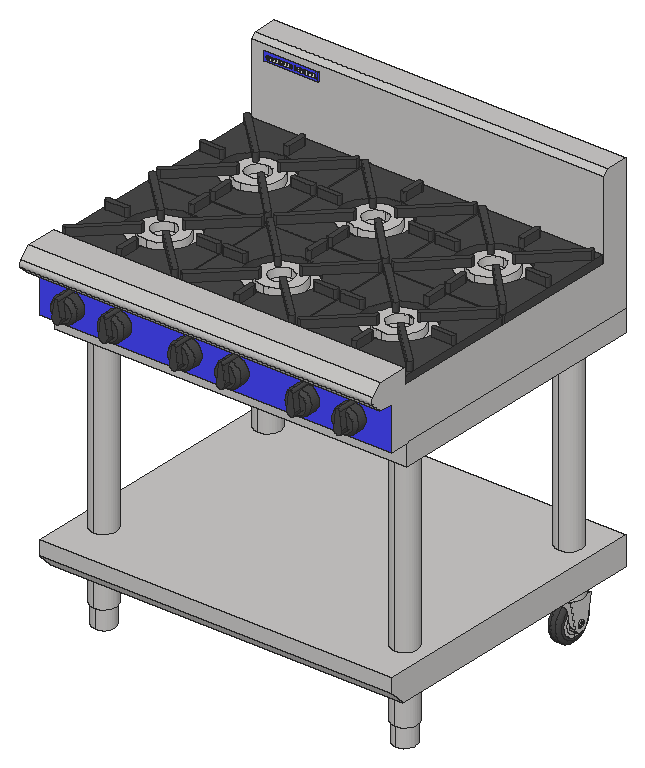
Revit family "QF_MOFFAT_BLUESEAL_CE_G516D-LS", category Specialty Equipment, Revit 2012 (continued)
Definition of nested family "GAS BURNER 900"
  Lines and regions (mm)
    symbolic lines
      curve 170: spline (306.102, -603.347, 0) -> (305.341, -604.416, 0) -> (304.941, -605.721, 0) -> (304.928, -607.172, 0) -> (305.303, -608.671, 0) -> (306.041, -610.116, 0) -> (307.092, -611.408, 0) -> (308.384, -612.459, 0) -> (309.829, -613.197, 0) -> (311.328, -613.572, 0) -> (312.779, -613.559, 0) -> (314.084, -613.159, 0) -> (315.153, -612.398, 0)
      curve 171: line (308.898, -476.4, 0) -> (358.102, -476.4, 0)
      curve 172: spline (358.102, -476.4, 0) -> (359.396, -476.182, 0) -> (360.602, -475.543, 0) -> (361.638, -474.525, 0) -> (362.432, -473.2, 0) -> (362.932, -471.656, 0) -> (363.102, -470, 0) -> (362.932, -468.344, 0) -> (362.432, -466.8, 0) -> (361.638, -465.475, 0) -> (360.602, -464.457, 0) -> (359.396, -463.818, 0) -> (358.102, -463.6, 0)
      curve 173: line (358.102, -463.6, 0) -> (308.898, -463.6, 0)
      curve 174: spline (308.898, -463.6, 0) -> (307.604, -463.818, 0) -> (306.398, -464.457, 0) -> (305.362, -465.475, 0) -> (304.568, -466.8, 0) -> (304.068, -468.344, 0) -> (303.898, -470, 0) -> (304.068, -471.656, 0) -> (304.568, -473.2, 0) -> (305.362, -474.525, 0) -> (306.398, -475.543, 0) -> (307.604, -476.182, 0) -> (308.898, -476.4, 0)
      curve 175: line (456.4, -609.602, 0) -> (456.4, -561.898, 0)
      curve 176: spline (456.4, -561.898, 0) -> (456.182, -560.604, 0) -> (455.543, -559.398, 0) -> (454.525, -558.362, 0) -> (453.2, -557.568, 0) -> (451.656, -557.068, 0) -> (450, -556.898, 0) -> (448.344, -557.068, 0) -> (446.8, -557.568, 0) -> (445.475, -558.362, 0) -> (444.457, -559.398, 0) -> (443.818, -560.604, 0) -> (443.6, -561.898, 0)
      curve 177: line (443.6, -561.898, 0) -> (443.6, -609.602, 0)
      curve 178: spline (443.6, -609.602, 0) -> (443.818, -610.896, 0) -> (444.457, -612.102, 0) -> (445.475, -613.138, 0) -> (446.8, -613.932, 0) -> (448.344, -614.432, 0) -> (450, -614.602, 0) -> (451.656, -614.432, 0) -> (453.2, -613.932, 0) -> (454.525, -613.138, 0) -> (455.543, -612.102, 0) -> (456.182, -610.896, 0) -> (456.4, -609.602, 0)
      curve 179: arc (450.009, -384.418, 0) -> (479.699, -389.834, 0) -> (505.564, -405.385, 0) r 84.082
      curve 180: arc (450.009, -552.582, 0) -> (417.885, -546.204, 0) -> (390.635, -528.036, 0) r 84.082
      curve 181: arc (450, -523.5, 0) -> (467.666, -520.693, 0) -> (483.592, -512.55, 0) r 57
      curve 182: arc (450, -409.5, 0) -> (430.014, -413.119, 0) -> (412.566, -423.515, 0) r 57
      curve 183: arc (450, -436.5, 0) -> (480, -466.5, 0) -> (450, -496.5, 0) r 30
      curve 184: arc (450, -496.5, 0) -> (420, -466.5, 0) -> (450, -436.5, 0) r 30
      curve 185: arc (96.324, -103.773, 0) -> (121.466, -89.404, 0) -> (149.991, -84.418, 0) r 84.082
      curve 186: arc (212.871, -112.68, 0) -> (234.066, -167.408, 0) -> (214.3, -222.668, 0) r 84.082
      curve 187: arc (194.454, -202.178, 0) -> (207, -166.598, 0) -> (194.576, -130.975, 0) r 57
      curve 188: arc (114.628, -211.197, 0) -> (131.275, -220.336, 0) -> (150, -223.5, 0) r 57
      curve 189: arc (405.424, -130.975, 0) -> (393, -166.598, 0) -> (405.546, -202.178, 0) r 57
      curve 190: arc (485.525, -121.924, 0) -> (468.817, -112.696, 0) -> (450, -109.5, 0) r 57
      curve 191: arc (494.454, -202.178, 0) -> (507, -166.598, 0) -> (494.576, -130.975, 0) r 57
      curve 192: arc (414.628, -211.197, 0) -> (431.275, -220.336, 0) -> (450, -223.5, 0) r 57
      curve 193: arc (105.424, -130.975, 0) -> (93, -166.598, 0) -> (105.546, -202.178, 0) r 57
      curve 194: arc (514.501, -414.55, 0) -> (534.086, -469.429, 0) -> (513.293, -523.862, 0) r 84.082
      curve 195: arc (504.155, -532.827, 0) -> (478.827, -547.489, 0) -> (450.009, -552.582, 0) r 84.082
      curve 196: arc (493.031, -503.881, 0) -> (506.947, -468.956, 0) -> (496.089, -432.962, 0) r 57
      curve 197: arc (416.408, -512.55, 0) -> (432.334, -520.693, 0) -> (450, -523.5, 0) r 57
      curve 198: arc (403.911, -432.962, 0) -> (393.053, -468.956, 0) -> (406.969, -503.881, 0) r 57
      curve 199: arc (487.434, -423.515, 0) -> (469.986, -413.119, 0) -> (450, -409.5, 0) r 57
      curve 200: arc (187.434, -423.515, 0) -> (169.986, -413.119, 0) -> (150, -409.5, 0) r 57
      curve 201: arc (103.911, -432.962, 0) -> (93.053, -468.956, 0) -> (106.969, -503.881, 0) r 57
      curve 202: arc (109.732, -506.842, 0) -> (110.614, -507.704, 0) -> (111.516, -508.547, 0) r 57
      curve 203: arc (193.031, -503.881, 0) -> (206.947, -468.956, 0) -> (196.089, -432.962, 0) r 57
      curve 204: arc (214.491, -414.56, 0) -> (234.068, -469.429, 0) -> (213.283, -523.853, 0) r 84.082
      curve 205: arc (94.436, -405.385, 0) -> (120.301, -389.834, 0) -> (149.991, -384.418, 0) r 84.082
      curve 206: arc (86.707, -523.862, 0) -> (65.914, -469.429, 0) -> (85.499, -414.55, 0) r 84.082
      curve 207: arc (116.408, -512.55, 0) -> (132.334, -520.693, 0) -> (150, -523.5, 0) r 57
      curve 208: arc (204.147, -532.819, 0) -> (178.816, -547.487, 0) -> (149.991, -552.582, 0) r 84.082
      curve 209: arc (394.444, -405.393, 0) -> (420.313, -389.836, 0) -> (450.009, -384.418, 0) r 84.082
      curve 210: arc (390.635, -528.036, 0) -> (366.012, -472.294, 0) -> (385.509, -414.56, 0) r 84.082
      curve 211: arc (185.525, -121.924, 0) -> (168.817, -112.696, 0) -> (150, -109.5, 0) r 57
      curve 212: arc (396.332, -103.781, 0) -> (421.477, -89.406, 0) -> (450.009, -84.418, 0) r 84.082
      curve 213: arc (512.881, -112.67, 0) -> (534.084, -167.408, 0) -> (514.31, -222.678, 0) r 84.082
      curve 214: arc (505.339, -231.812, 0) -> (479.559, -247.219, 0) -> (450.009, -252.582, 0) r 84.082
      curve 215: arc (385.7, -222.668, 0) -> (365.934, -167.408, 0) -> (387.129, -112.68, 0) r 84.082
      curve 216: arc (205.331, -231.803, 0) -> (179.547, -247.216, 0) -> (149.991, -252.582, 0) r 84.082
      curve 217: arc (85.69, -222.678, 0) -> (65.916, -167.408, 0) -> (87.119, -112.67, 0) r 84.082
      curve 218: spline (724.076, -130.525, 0) -> (724.837, -131.595, 0) -> (725.238, -132.899, 0) -> (725.251, -134.351, 0) -> (724.875, -135.85, 0) -> (724.137, -137.295, 0) -> (723.086, -138.586, 0) -> (721.795, -139.637, 0) -> (720.35, -140.375, 0) -> (718.851, -140.751, 0) -> (717.399, -140.738, 0) -> (716.095, -140.337, 0) -> (715.025, -139.576, 0)
      curve 219: spline (659.102, -160.1, 0) -> (660.396, -160.318, 0) -> (661.602, -160.957, 0) -> (662.638, -161.975, 0) -> (663.432, -163.3, 0) -> (663.932, -164.844, 0) -> (664.102, -166.5, 0) -> (663.932, -168.156, 0) -> (663.432, -169.7, 0) -> (662.638, -171.025, 0) -> (661.602, -172.043, 0) -> (660.396, -172.682, 0) -> (659.102, -172.9, 0)
      curve 220: arc (751, -223.5, 0) -> (732.275, -220.336, 0) -> (715.628, -211.197, 0) r 57
      curve 221: arc (751, -109.5, 0) -> (769.817, -112.696, 0) -> (786.525, -121.924, 0) r 57
      curve 222: arc (751.009, -84.418, 0) -> (722.477, -89.406, 0) -> (697.332, -103.781, 0) r 84.082
      curve 223: arc (751.009, -252.582, 0) -> (780.559, -247.219, 0) -> (806.339, -231.812, 0) r 84.082
      curve 224: line (744.6, -74.602, 0) -> (744.6, -25.398, 0)
      curve 225: spline (744.6, -25.398, 0) -> (744.818, -24.104, 0) -> (745.457, -22.898, 0) -> (746.475, -21.862, 0) -> (747.8, -21.068, 0) -> (749.344, -20.568, 0) -> (751, -20.398, 0) -> (752.656, -20.568, 0) -> (754.2, -21.068, 0) -> (755.525, -21.862, 0) -> (756.543, -22.898, 0) -> (757.182, -24.104, 0) -> (757.4, -25.398, 0)
      curve 226: line (757.4, -25.398, 0) -> (757.4, -74.602, 0)
      curve 227: spline (757.4, -74.602, 0) -> (757.182, -75.896, 0) -> (756.543, -77.102, 0) -> (755.525, -78.138, 0) -> (754.2, -78.932, 0) -> (752.656, -79.432, 0) -> (751, -79.602, 0) -> (749.344, -79.432, 0) -> (747.8, -78.932, 0) -> (746.475, -78.138, 0) -> (745.457, -77.102, 0) -> (744.818, -75.896, 0) -> (744.6, -74.602, 0)
      curve 228: arc (897, 0, 0) -> (899.121, -0.879, 0) -> (900, -3, 0) r 3
      curve 229: line (900, -3, 0) -> (900, -315.5, 0)
      curve 230: arc (900, -315.5, 0) -> (899.121, -317.621, 0) -> (897, -318.5, 0) r 3
      curve 231: arc (897, -321.5, 0) -> (899.121, -322.379, 0) -> (900, -324.5, 0) r 3
      curve 232: line (900, -324.5, 0) -> (900, -632, 0)
      curve 233: arc (900, -632, 0) -> (899.121, -634.121, 0) -> (897, -635, 0) r 3
      curve 234: spline (715.025, -193.424, 0) -> (716.095, -192.663, 0) -> (717.399, -192.262, 0) -> (718.851, -192.249, 0) -> (720.35, -192.625, 0) -> (721.795, -193.363, 0) -> (723.086, -194.414, 0) -> (724.137, -195.705, 0) -> (724.875, -197.15, 0) -> (725.251, -198.649, 0) -> (725.238, -200.101, 0) -> (724.837, -201.405, 0) -> (724.076, -202.475, 0)
      curve 235: line (885.847, -313.898, 0) -> (777.924, -202.475, 0)
      curve 236: spline (777.924, -202.475, 0) -> (777.163, -201.405, 0) -> (776.762, -200.101, 0) -> (776.749, -198.649, 0) -> (777.125, -197.15, 0) -> (777.863, -195.705, 0) -> (778.914, -194.414, 0) -> (780.205, -193.363, 0) -> (781.65, -192.625, 0) -> (783.149, -192.249, 0) -> (784.601, -192.262, 0) -> (785.905, -192.663, 0) -> (786.975, -193.424, 0)
      curve 237: line (786.975, -193.424, 0) -> (894.898, -304.847, 0)
      curve 238: spline (894.898, -304.847, 0) -> (895.659, -305.916, 0) -> (896.059, -307.221, 0) -> (896.072, -308.672, 0) -> (895.697, -310.171, 0) -> (894.959, -311.616, 0) -> (893.908, -312.908, 0) -> (892.616, -313.959, 0) -> (891.171, -314.697, 0) -> (889.672, -315.072, 0) -> (888.221, -315.059, 0) -> (886.916, -314.659, 0) -> (885.847, -313.898, 0)
      curve 239: line (892.102, -172.9, 0) -> (842.898, -172.9, 0)
      curve 240: spline (842.898, -172.9, 0) -> (841.604, -172.682, 0) -> (840.398, -172.043, 0) -> (839.362, -171.025, 0) -> (838.568, -169.7, 0) -> (838.068, -168.156, 0) -> (837.898, -166.5, 0) -> (838.068, -164.844, 0) -> (838.568, -163.3, 0) -> (839.362, -161.975, 0) -> (840.398, -160.957, 0) -> (841.604, -160.318, 0) -> (842.898, -160.1, 0)
      curve 241: line (842.898, -160.1, 0) -> (892.102, -160.1, 0)
      curve 242: spline (892.102, -160.1, 0) -> (893.396, -160.318, 0) -> (894.602, -160.957, 0) -> (895.638, -161.975, 0) -> (896.432, -163.3, 0) -> (896.932, -164.844, 0) -> (897.102, -166.5, 0) -> (896.932, -168.156, 0) -> (896.432, -169.7, 0) -> (895.638, -171.025, 0) -> (894.602, -172.043, 0) -> (893.396, -172.682, 0) -> (892.102, -172.9, 0)
      curve 243: line (894.898, -31.653, 0) -> (786.975, -139.576, 0)
      curve 244: spline (786.975, -139.576, 0) -> (785.905, -140.337, 0) -> (784.601, -140.738, 0) -> (783.149, -140.751, 0) -> (781.65, -140.375, 0) -> (780.205, -139.637, 0) -> (778.914, -138.586, 0) -> (777.863, -137.295, 0) -> (777.125, -135.85, 0) -> (776.749, -134.351, 0) -> (776.762, -132.899, 0) -> (777.163, -131.595, 0) -> (777.924, -130.525, 0)
      curve 245: line (777.924, -130.525, 0) -> (885.847, -22.602, 0)
      curve 246: spline (885.847, -22.602, 0) -> (887.076, -21.681, 0) -> (888.53, -21.131, 0) -> (890.11, -20.99, 0) -> (891.708, -21.267, 0) -> (893.214, -21.943, 0) -> (894.527, -22.973, 0) -> (895.557, -24.286, 0) -> (896.233, -25.792, 0) -> (896.51, -27.39, 0) -> (896.369, -28.97, 0) -> (895.819, -30.424, 0) -> (894.898, -31.653, 0)
      curve 247: arc (751, -136.5, 0) -> (721, -166.5, 0) -> (751, -196.5, 0) r 30
      curve 248: arc (751, -196.5, 0) -> (781, -166.5, 0) -> (751, -136.5, 0) r 30
      curve 249: line (744.6, -311.102, 0) -> (744.6, -261.898, 0)
      curve 250: spline (744.6, -261.898, 0) -> (744.818, -260.604, 0) -> (745.457, -259.398, 0) -> (746.475, -258.362, 0) -> (747.8, -257.568, 0) -> (749.344, -257.068, 0) -> (751, -256.898, 0) -> (752.656, -257.068, 0) -> (754.2, -257.568, 0) -> (755.525, -258.362, 0) -> (756.543, -259.398, 0) -> (757.182, -260.604, 0) -> (757.4, -261.898, 0)
      curve 251: line (757.4, -261.898, 0) -> (757.4, -311.102, 0)
      curve 252: spline (757.4, -311.102, 0) -> (757.182, -312.396, 0) -> (756.543, -313.602, 0) -> (755.525, -314.638, 0) -> (754.2, -315.432, 0) -> (752.656, -315.932, 0) -> (751, -316.102, 0) -> (749.344, -315.932, 0) -> (747.8, -315.432, 0) -> (746.475, -314.638, 0) -> (745.457, -313.602, 0) -> (744.818, -312.396, 0) -> (744.6, -311.102, 0)
      curve 253: line (744.6, -378.102, 0) -> (744.6, -328.898, 0)
      curve 254: spline (744.6, -328.898, 0) -> (744.818, -327.604, 0) -> (745.457, -326.398, 0) -> (746.475, -325.362, 0) -> (747.8, -324.568, 0) -> (749.344, -324.068, 0) -> (751, -323.898, 0) -> (752.656, -324.068, 0) -> (754.2, -324.568, 0) -> (755.525, -325.362, 0) -> (756.543, -326.398, 0) -> (757.182, -327.604, 0) -> (757.4, -328.898, 0)
      curve 255: line (757.4, -328.898, 0) -> (757.4, -378.102, 0)
      curve 256: spline (757.4, -378.102, 0) -> (757.182, -379.396, 0) -> (756.543, -380.602, 0) -> (755.525, -381.638, 0) -> (754.2, -382.432, 0) -> (752.656, -382.932, 0) -> (751, -383.102, 0) -> (749.344, -382.932, 0) -> (747.8, -382.432, 0) -> (746.475, -381.638, 0) -> (745.457, -380.602, 0) -> (744.818, -379.396, 0) -> (744.6, -378.102, 0)
      curve 257: spline (724.076, -434.025, 0) -> (724.837, -435.095, 0) -> (725.238, -436.399, 0) -> (725.251, -437.851, 0) -> (724.875, -439.35, 0) -> (724.137, -440.795, 0) -> (723.086, -442.086, 0) -> (721.795, -443.137, 0) -> (720.35, -443.875, 0) -> (718.851, -444.251, 0) -> (717.399, -444.238, 0) -> (716.095, -443.837, 0) -> (715.025, -443.076, 0)
      curve 258: line (777.924, -434.025, 0) -> (885.847, -326.102, 0)
      curve 259: spline (885.847, -326.102, 0) -> (887.076, -325.181, 0) -> (888.53, -324.631, 0) -> (890.11, -324.49, 0) -> (891.708, -324.767, 0) -> (893.214, -325.443, 0) -> (894.527, -326.473, 0) -> (895.557, -327.786, 0) -> (896.233, -329.292, 0) -> (896.51, -330.89, 0) -> (896.369, -332.47, 0) -> (895.819, -333.924, 0) -> (894.898, -335.153, 0)
      curve 260: line (894.898, -335.153, 0) -> (786.975, -443.076, 0)
      curve 261: spline (786.975, -443.076, 0) -> (785.905, -443.837, 0) -> (784.601, -444.238, 0) -> (783.149, -444.251, 0) -> (781.65, -443.875, 0) -> (780.205, -443.137, 0) -> (778.914, -442.086, 0) -> (777.863, -440.795, 0) -> (777.125, -439.35, 0) -> (776.749, -437.851, 0) -> (776.762, -436.399, 0) -> (777.163, -435.095, 0) -> (777.924, -434.025, 0)
      curve 262: line (842.898, -463.6, 0) -> (892.102, -463.6, 0)
      curve 263: spline (892.102, -463.6, 0) -> (893.396, -463.818, 0) -> (894.602, -464.457, 0) -> (895.638, -465.475, 0) -> (896.432, -466.8, 0) -> (896.932, -468.344, 0) -> (897.102, -470, 0) -> (896.932, -471.656, 0) -> (896.432, -473.2, 0) -> (895.638, -474.525, 0) -> (894.602, -475.543, 0) -> (893.396, -476.182, 0) -> (892.102, -476.4, 0)
      curve 264: line (892.102, -476.4, 0) -> (842.898, -476.4, 0)
      curve 265: spline (842.898, -476.4, 0) -> (841.604, -476.182, 0) -> (840.398, -475.543, 0) -> (839.362, -474.525, 0) -> (838.568, -473.2, 0) -> (838.068, -471.656, 0) -> (837.898, -470, 0) -> (838.068, -468.344, 0) -> (838.568, -466.8, 0) -> (839.362, -465.475, 0) -> (840.398, -464.457, 0) -> (841.604, -463.818, 0) -> (842.898, -463.6, 0)
      curve 266: line (786.975, -496.924, 0) -> (894.898, -603.347, 0)
      curve 267: spline (894.898, -603.347, 0) -> (895.659, -604.416, 0) -> (896.059, -605.721, 0) -> (896.072, -607.172, 0) -> (895.697, -608.671, 0) -> (894.959, -610.116, 0) -> (893.908, -611.408, 0) -> (892.616, -612.459, 0) -> (891.171, -613.197, 0) -> (889.672, -613.572, 0) -> (888.221, -613.559, 0) -> (886.916, -613.159, 0) -> (885.847, -612.398, 0)
      curve 268: line (885.847, -612.398, 0) -> (777.924, -505.975, 0)
      curve 269: spline (777.924, -505.975, 0) -> (777.163, -504.905, 0) -> (776.762, -503.601, 0) -> (776.749, -502.149, 0) -> (777.125, -500.65, 0) -> (777.863, -499.205, 0) -> (778.914, -497.914, 0) -> (780.205, -496.863, 0) -> (781.65, -496.125, 0) -> (783.149, -495.749, 0) -> (784.601, -495.762, 0) -> (785.905, -496.163, 0) -> (786.975, -496.924, 0)
      curve 270: line (744.6, -609.602, 0) -> (744.6, -561.898, 0)
      curve 271: spline (744.6, -561.898, 0) -> (744.818, -560.604, 0) -> (745.457, -559.398, 0) -> (746.475, -558.362, 0) -> (747.8, -557.568, 0) -> (749.344, -557.068, 0) -> (751, -556.898, 0) -> (752.656, -557.068, 0) -> (754.2, -557.568, 0) -> (755.525, -558.362, 0) -> (756.543, -559.398, 0) -> (757.182, -560.604, 0) -> (757.4, -561.898, 0)
      curve 272: line (757.4, -561.898, 0) -> (757.4, -609.602, 0)
      curve 273: spline (757.4, -609.602, 0) -> (757.182, -610.896, 0) -> (756.543, -612.102, 0) -> (755.525, -613.138, 0) -> (754.2, -613.932, 0) -> (752.656, -614.432, 0) -> (751, -614.602, 0) -> (749.344, -614.432, 0) -> (747.8, -613.932, 0) -> (746.475, -613.138, 0) -> (745.457, -612.102, 0) -> (744.818, -610.896, 0) -> (744.6, -609.602, 0)
      curve 274: spline (715.025, -496.924, 0) -> (716.095, -496.163, 0) -> (717.399, -495.762, 0) -> (718.851, -495.749, 0) -> (720.35, -496.125, 0) -> (721.795, -496.863, 0) -> (723.086, -497.914, 0) -> (724.137, -499.205, 0) -> (724.875, -500.65, 0) -> (725.251, -502.149, 0) -> (725.238, -503.601, 0) -> (724.837, -504.905, 0) -> (724.076, -505.975, 0)
      curve 275: arc (751.009, -384.418, 0) -> (721.313, -389.836, 0) -> (695.444, -405.393, 0) r 84.082
      curve 276: arc (751.009, -552.582, 0) -> (779.827, -547.489, 0) -> (805.155, -532.827, 0) r 84.082
      curve 277: arc (751, -523.5, 0) -> (733.334, -520.693, 0) -> (717.408, -512.55, 0) r 57
      curve 278: arc (751, -409.5, 0) -> (770.986, -413.119, 0) -> (788.434, -423.515, 0) r 57
      curve 279: arc (751, -436.5, 0) -> (721, -466.5, 0) -> (751, -496.5, 0) r 30
      curve 280: arc (751, -496.5, 0) -> (781, -466.5, 0) -> (751, -436.5, 0) r 30
      curve 281: spline (659.102, -463.6, 0) -> (660.396, -463.818, 0) -> (661.602, -464.457, 0) -> (662.638, -465.475, 0) -> (663.432, -466.8, 0) -> (663.932, -468.344, 0) -> (664.102, -470, 0) -> (663.932, -471.656, 0) -> (663.432, -473.2, 0) -> (662.638, -474.525, 0) -> (661.602, -475.543, 0) -> (660.396, -476.182, 0) -> (659.102, -476.4, 0)
      curve 282: arc (804.676, -103.773, 0) -> (779.534, -89.404, 0) -> (751.009, -84.418, 0) r 84.082
      curve 283: arc (688.129, -112.68, 0) -> (666.934, -167.408, 0) -> (686.7, -222.668, 0) r 84.082
      curve 284: arc (706.546, -202.178, 0) -> (694, -166.598, 0) -> (706.424, -130.975, 0) r 57
      curve 285: arc (786.372, -211.197, 0) -> (769.725, -220.336, 0) -> (751, -223.5, 0) r 57
      curve 286: arc (795.576, -130.975, 0) -> (808, -166.598, 0) -> (795.454, -202.178, 0) r 57
      curve 287: arc (713.566, -423.515, 0) -> (731.014, -413.119, 0) -> (751, -409.5, 0) r 57
      curve 288: arc (797.089, -432.962, 0) -> (807.947, -468.956, 0) -> (794.031, -503.881, 0) r 57
      curve 289: arc (791.268, -506.842, 0) -> (790.386, -507.704, 0) -> (789.484, -508.547, 0) r 57
      curve 290: arc (707.969, -503.881, 0) -> (694.053, -468.956, 0) -> (704.911, -432.962, 0) r 57
      curve 291: arc (686.509, -414.56, 0) -> (666.932, -469.429, 0) -> (687.717, -523.853, 0) r 84.082
      curve 292: arc (806.564, -405.385, 0) -> (780.699, -389.834, 0) -> (751.009, -384.418, 0) r 84.082
      curve 293: arc (814.293, -523.862, 0) -> (835.086, -469.429, 0) -> (815.501, -414.55, 0) r 84.082
      curve 294: arc (784.592, -512.55, 0) -> (768.666, -520.693, 0) -> (751, -523.5, 0) r 57
      curve 295: arc (696.853, -532.819, 0) -> (722.184, -547.487, 0) -> (751.009, -552.582, 0) r 84.082
      curve 296: arc (715.475, -121.924, 0) -> (732.183, -112.696, 0) -> (751, -109.5, 0) r 57
      curve 297: arc (695.669, -231.803, 0) -> (721.453, -247.216, 0) -> (751.009, -252.582, 0) r 84.082
      curve 298: arc (815.31, -222.678, 0) -> (835.084, -167.408, 0) -> (813.881, -112.67, 0) r 84.082
      curve 299: line (616.153, -612.398, 0) -> (724.076, -505.975, 0)
      curve 300: line (715.025, -496.924, 0) -> (607.102, -603.347, 0)
      curve 301: spline (607.102, -603.347, 0) -> (606.341, -604.416, 0) -> (605.941, -605.721, 0) -> (605.928, -607.172, 0) -> (606.303, -608.671, 0) -> (607.041, -610.116, 0) -> (608.092, -611.408, 0) -> (609.384, -612.459, 0) -> (610.829, -613.197, 0) -> (612.328, -613.572, 0) -> (613.779, -613.559, 0) -> (615.084, -613.159, 0) -> (616.153, -612.398, 0)
      curve 302: line (602, -324.5, 0) -> (602, -632, 0)
      curve 303: arc (602, -632, 0) -> (602.879, -634.121, 0) -> (605, -635, 0) r 3
      curve 304: line (605, -635, 0) -> (897, -635, 0)
      curve 305: arc (897, -635, 0) -> (899.121, -634.121, 0) -> (900, -632, 0) r 3
      curve 306: line (900, -632, 0) -> (900, -324.5, 0)
      curve 307: arc (900, -324.5, 0) -> (899.121, -322.379, 0) -> (897, -321.5, 0) r 3
      curve 308: line (897, -321.5, 0) -> (605, -321.5, 0)
      curve 309: arc (605, -321.5, 0) -> (602.879, -322.379, 0) -> (602, -324.5, 0) r 3
      curve 310: line (609.898, -476.4, 0) -> (659.102, -476.4, 0)
      curve 311: line (659.102, -463.6, 0) -> (609.898, -463.6, 0)
      curve 312: spline (609.898, -463.6, 0) -> (608.604, -463.818, 0) -> (607.398, -464.457, 0) -> (606.362, -465.475, 0) -> (605.568, -466.8, 0) -> (605.068, -468.344, 0) -> (604.898, -470, 0) -> (605.068, -471.656, 0) -> (605.568, -473.2, 0) -> (606.362, -474.525, 0) -> (607.398, -475.543, 0) -> (608.604, -476.182, 0) -> (609.898, -476.4, 0)
      curve 313: line (607.102, -335.153, 0) -> (715.025, -443.076, 0)
      curve 314: line (724.076, -434.025, 0) -> (616.153, -326.102, 0)
      curve 315: spline (616.153, -326.102, 0) -> (615.084, -325.341, 0) -> (613.779, -324.941, 0) -> (612.328, -324.928, 0) -> (610.829, -325.303, 0) -> (609.384, -326.041, 0) -> (608.092, -327.092, 0) -> (607.041, -328.384, 0) -> (606.303, -329.829, 0) -> (605.928, -331.328, 0) -> (605.941, -332.779, 0) -> (606.341, -334.084, 0) -> (607.102, -335.153, 0)
      curve 316: line (616.153, -313.898, 0) -> (724.076, -202.475, 0)
      curve 317: spline (607.102, -304.847, 0) -> (606.341, -305.916, 0) -> (605.941, -307.221, 0) -> (605.928, -308.672, 0) -> (606.303, -310.171, 0) -> (607.041, -311.616, 0) -> (608.092, -312.908, 0) -> (609.384, -313.959, 0) -> (610.829, -314.697, 0) -> (612.328, -315.072, 0) -> (613.779, -315.059, 0) -> (615.084, -314.659, 0) -> (616.153, -313.898, 0)
      curve 318: line (715.025, -193.424, 0) -> (607.102, -304.847, 0)
      curve 319: line (605, -318.5, 0) -> (897, -318.5, 0)
      curve 320: arc (602, -315.5, 0) -> (602.879, -317.621, 0) -> (605, -318.5, 0) r 3
      curve 321: line (602, -3, 0) -> (602, -315.5, 0)
      curve 322: arc (605, 0, 0) -> (602.879, -0.879, 0) -> (602, -3, 0) r 3
      curve 323: line (609.898, -172.9, 0) -> (659.102, -172.9, 0)
      curve 324: line (659.102, -160.1, 0) -> (609.898, -160.1, 0)
      curve 325: spline (609.898, -160.1, 0) -> (608.604, -160.318, 0) -> (607.398, -160.957, 0) -> (606.362, -161.975, 0) -> (605.568, -163.3, 0) -> (605.068, -164.844, 0) -> (604.898, -166.5, 0) -> (605.068, -168.156, 0) -> (605.568, -169.7, 0) -> (606.362, -171.025, 0) -> (607.398, -172.043, 0) -> (608.604, -172.682, 0) -> (609.898, -172.9, 0)
      curve 326: line (607.102, -31.653, 0) -> (715.025, -139.576, 0)
      curve 327: line (724.076, -130.525, 0) -> (616.153, -22.602, 0)
      curve 328: spline (616.153, -22.602, 0) -> (615.084, -21.841, 0) -> (613.779, -21.441, 0) -> (612.328, -21.428, 0) -> (610.829, -21.803, 0) -> (609.384, -22.541, 0) -> (608.092, -23.592, 0) -> (607.041, -24.884, 0) -> (606.303, -26.329, 0) -> (605.928, -27.828, 0) -> (605.941, -29.279, 0) -> (606.341, -30.584, 0) -> (607.102, -31.653, 0)
      curve 329: line (897, 0, 0) -> (605, 0, 0)
  Dimensions and locks
    equal spacing: plane 3 "LEFT", plane 7 "Center Y", plane 4 "RIGHT"
    "Width": plane 3 "LEFT" to plane 4 "RIGHT"
    equal spacing: plane 5 "FRONT", plane 8 "Center X", plane 1 "BACK"
    "Depth": plane 5 "FRONT" to plane 1 "BACK"
    aligned and locked: level to plane 2
  Automatic sketch dimensions
    curve 29 to curve 30 = 0 mm
    curve 29 to curve 33 = 0 mm
    curve 29 to curve 189 = 0 mm
    curve 29 to curve 190 = 0 mm  (x2)
    curve 29 to curve 191 = 0 mm  (x2)
    curve 29 to curve 192 = 0 mm
    curve 30 to curve 33 = 0 mm
    curve 30 to curve 189 = 0 mm
    curve 31 to curve 32 = 0 mm  (x2)
    curve 31 to curve 212 = 0 mm
    curve 31 to curve 213 = 0 mm  (x2)
    curve 31 to curve 214 = 0 mm
    curve 31 to curve 215 = 0 mm  (x2)
    curve 35 to curve 36 = 0 mm
    curve 35 to curve 103 = 0 mm  (x2)
    curve 35 to curve 187 = 0 mm  (x2)
    curve 35 to curve 188 = 0 mm
    curve 35 to curve 193 = 0 mm
    curve 35 to curve 211 = 0 mm  (x2)
    curve 36 to curve 193 = 0 mm
    curve 37 to curve 38 = 0 mm  (x2)
    curve 37 to curve 185 = 0 mm
    curve 37 to curve 186 = 0 mm  (x2)
    curve 37 to curve 216 = 0 mm
    curve 37 to curve 217 = 0 mm  (x2)
    curve 137 to curve 138 = 0 mm  (x2)
    curve 137 to curve 204 = 0 mm  (x2)
    curve 137 to curve 205 = 0 mm
    curve 137 to curve 206 = 0 mm  (x2)
    curve 137 to curve 208 = 0 mm
    curve 139 to curve 140 = 0 mm
    curve 139 to curve 141 = 0 mm  (x2)
    curve 139 to curve 200 = 0 mm  (x2)
    curve 139 to curve 201 = 0 mm
    curve 139 to curve 202 = 0 mm
    curve 139 to curve 203 = 0 mm  (x2)
    curve 139 to curve 207 = 0 mm
    curve 140 to curve 201 = 0 mm
    curve 140 to curve 202 = 0 mm
    curve 179 to curve 180 = 0 mm  (x2)
    curve 179 to curve 194 = 0 mm  (x2)
    curve 179 to curve 195 = 0 mm
    curve 179 to curve 209 = 0 mm
    curve 179 to curve 210 = 0 mm  (x2)
    curve 181 to curve 182 = 0 mm  (x2)
    curve 181 to curve 183 = 0 mm  (x2)
    curve 181 to curve 196 = 0 mm  (x2)
    curve 181 to curve 197 = 0 mm
    curve 181 to curve 198 = 0 mm  (x2)
    curve 181 to curve 199 = 0 mm
    curve 220 to curve 221 = 0 mm
    curve 220 to curve 247 = 0 mm  (x2)
    curve 220 to curve 284 = 0 mm
    curve 222 to curve 223 = 0 mm  (x2)
    curve 222 to curve 282 = 0 mm
    curve 222 to curve 283 = 0 mm  (x2)
    curve 275 to curve 276 = 0 mm
    curve 275 to curve 291 = 0 mm
    curve 277 to curve 278 = 0 mm
    curve 277 to curve 279 = 0 mm
    curve 277 to curve 287 = 0 mm
    curve 278 to curve 280 = 0 mm
    curve 283 to curve 298 = 0 mm
    curve 284 to curve 296 = 0 mm  (x2)
    curve 285 to curve 296 = 0 mm  (x2)
    curve 286 to curve 296 = 0 mm  (x2)
    curve 287 to curve 294 = 0 mm  (x2)
    curve 288 to curve 294 = 0 mm  (x2)
    curve 289 to curve 294 = 0 mm  (x2)
    curve 290 to curve 294 = 0 mm  (x2)
    curve 291 to curve 295 = 0 mm  (x2)
    curve 292 to curve 295 = 0 mm  (x2)
    curve 293 to curve 295 = 0 mm  (x2)
    curve 297 to curve 298 = 0 mm  (x2)
    plane 5 "FRONT" to curve 75 = 0 mm
    plane 1 "BACK" to curve 64 = 0 mm
    plane 1 "BACK" to curve 55 = 0 mm
    plane 5 "FRONT" to curve 82 = 0 mm
    curve 33 to plane 7 "Center Y" = 0 mm
    curve 154 to plane 7 "Center Y" = 0 mm
    curve 54 to plane 7 "Center Y" = 0 mm
    curve 196 to plane 7 "Center Y" = 0 mm
    curve 178 to plane 7 "Center Y" = 0 mm
    curve 16 to plane 7 "Center Y" = 0 mm
    plane 5 "FRONT" to curve 233 = 0 mm
    curve 13 to curve 16 = 6.4 mm
    curve 154 to curve 154 = 6.4 mm
    curve 52 to curve 52 = 6.4 mm
    curve 177 to curve 178 = 6.4 mm
    curve 150 to plane 7 "Center Y" = 26.924 mm
    curve 10 to plane 7 "Center Y" = 26.924 mm
    curve 168 to plane 7 "Center Y" = 26.924 mm
    curve 50 to plane 7 "Center Y" = 26.924 mm
    curve 10 to curve 10 = 4.525 mm
    curve 50 to curve 50 = 4.525 mm
    curve 168 to curve 167 = 4.525 mm
    curve 150 to curve 147 = 4.525 mm
    curve 197 to curve 167 = 6.668 mm
    curve 192 to curve 49 = 8.448 mm
    curve 30 to curve 10 = 8.601 mm
    curve 169 to curve 168 = 4.525 mm
    curve 182 to curve 150 = 10.51 mm
    curve 198 to curve 168 = 7.056 mm
    curve 189 to curve 50 = 8.479 mm
    curve 189 to curve 9 = 8.601 mm
    curve 198 to curve 182 = 8.655 mm
    curve 212 to curve 30 = 18.144 mm
    curve 32 to curve 192 = 19.959 mm
    curve 209 to curve 182 = 18.122 mm
    curve 210 to curve 198 = 16.335 mm
    curve 215 to curve 212 = 9.203 mm
    curve 215 to curve 32 = 8.969 mm
    curve 210 to curve 209 = 8.936 mm
    curve 45 to curve 189 = 47.444 mm
    curve 172 to curve 198 = 45.809 mm
    curve 167 to plane 5 "FRONT" = 22.602 mm
    curve 167 to curve 180 = 75.481 mm
    curve 147 to plane 8 "Center X" = 8.602 mm
    curve 147 to curve 209 = 79.291 mm
    plane 1 "BACK" to curve 12 = 22.602 mm
    plane 8 "Center X" to curve 49 = 3.602 mm
    curve 49 to curve 147 = 0 mm
    curve 148 to curve 147 = 4.525 mm
    curve 12 to curve 12 = 4.525 mm
    curve 48 to curve 48 = 4.525 mm
    curve 170 to curve 167 = 4.525 mm
    curve 44 to curve 46 = 49.204 mm
    curve 174 to curve 172 = 49.204 mm
    curve 80 to curve 148 = 6.628 mm
    curve 83 to curve 170 = 11.153 mm
    curve 56 to curve 12 = 11.153 mm
    plane 8 "Center X" to curve 58 = 2 mm
    curve 58 to curve 79 = 0 mm
    curve 57 to curve 56 = 3 mm
    curve 80 to curve 80 = 3 mm
    curve 76 to curve 81 = 2 mm
    curve 68 to curve 58 = 2 mm
    curve 68 to plane 8 "Center X" = 1 mm
    curve 68 to curve 69 = 3 mm
    curve 78 to curve 77 = 3 mm
    curve 63 to curve 69 = 3 mm
    curve 75 to curve 76 = 3 mm
    curve 90 to curve 68 = 2.102 mm
    curve 4 to curve 12 = 12.205 mm
    curve 115 to plane 8 "Center X" = 17.653 mm
    curve 115 to curve 78 = 2.102 mm
    curve 134 to curve 170 = 12.205 mm
    curve 8 to curve 45 = 17.796 mm
    curve 145 to curve 171 = 17.796 mm
    curve 4 to curve 4 = 4.525 mm
    curve 134 to curve 134 = 4.525 mm
    curve 90 to curve 90 = 4.525 mm
    curve 116 to curve 116 = 4.525 mm
    curve 6 to curve 5 = 49.204 mm
    curve 144 to curve 143 = 49.204 mm
    curve 204 to curve 144 = 27.407 mm
    curve 186 to curve 7 = 27.598 mm
    curve 204 to curve 145 = 28.615 mm
    curve 186 to curve 6 = 29.027 mm
    curve 137 to curve 204 = 8.936 mm
    curve 216 to curve 186 = 8.969 mm
    curve 208 to curve 204 = 9.136 mm
    curve 37 to curve 186 = 9.203 mm
    curve 203 to curve 204 = 18.402 mm
    curve 187 to curve 186 = 18.296 mm
    curve 187 to curve 186 = 19.847 mm
    curve 203 to curve 204 = 20.253 mm
    curve 200 to curve 203 = 8.655 mm
    curve 136 to curve 203 = 7.056 mm
    curve 87 to curve 187 = 8.479 mm
    curve 2 to curve 187 = 8.601 mm
    curve 114 to curve 203 = 10.114 mm
    curve 211 to curve 187 = 9.051 mm
    curve 35 to curve 187 = 9.081 mm
    curve 139 to curve 203 = 9.439 mm
    curve 114 to curve 115 = 4.525 mm
    curve 2 to curve 2 = 4.525 mm
    curve 136 to curve 136 = 4.525 mm
    curve 88 to curve 88 = 4.525 mm
    curve 106 to curve 216 = 48.931 mm
    curve 112 to curve 200 = 31.034 mm
    curve 42 to curve 37 = 47.268 mm
    curve 129 to plane 5 "FRONT" = 25.398 mm
    curve 129 to curve 208 = 47.747 mm
    curve 103 to curve 1 = 26.924 mm
    curve 110 to curve 109 = 6.4 mm
    curve 108 to curve 105 = 6.4 mm
    curve 142 to curve 114 = 26.924 mm
    curve 132 to curve 132 = 6.4 mm
    curve 42 to curve 42 = 6.4 mm
    curve 38 to curve 106 = 0.009 mm
    curve 204 to curve 139 = 0.009 mm
    curve 127 to curve 142 = 26.924 mm
    curve 117 to curve 142 = 26.924 mm
    curve 91 to curve 104 = 26.924 mm
    curve 100 to curve 104 = 26.924 mm
    curve 100 to curve 100 = 4.525 mm
    curve 92 to curve 92 = 4.525 mm
    curve 120 to curve 120 = 4.525 mm
    curve 128 to curve 128 = 4.525 mm
    curve 207 to curve 127 = 6.668 mm
    curve 188 to curve 91 = 8.448 mm
    curve 36 to curve 100 = 8.601 mm
    curve 140 to curve 117 = 10.51 mm
    curve 202 to curve 207 = 4.893 mm
    curve 202 to curve 202 = 1.784 mm
    curve 201 to curve 202 = 2.762 mm
    curve 193 to curve 93 = 8.479 mm
    curve 193 to curve 100 = 8.601 mm
    curve 201 to curve 140 = 8.655 mm
    curve 185 to curve 36 = 18.152 mm
    curve 138 to curve 207 = 20.563 mm
    curve 38 to curve 188 = 19.967 mm
    curve 205 to curve 140 = 18.13 mm
    curve 217 to curve 185 = 9.204 mm
    curve 206 to curve 138 = 9.138 mm
    curve 217 to curve 38 = 8.97 mm
    curve 206 to curve 205 = 8.937 mm
    curve 97 to curve 193 = 47.322 mm
    curve 121 to curve 201 = 45.809 mm
    plane 3 "LEFT" to curve 126 = 15.153 mm
    plane 3 "LEFT" to curve 102 = 15.153 mm
    plane 8 "Center X" to curve 91 = 3.602 mm
    plane 3 "LEFT" to curve 91 = 15.153 mm
    curve 117 to plane 8 "Center X" = 8.602 mm
    curve 117 to curve 91 = 0 mm
    curve 126 to curve 126 = 4.525 mm
    curve 94 to curve 94 = 4.525 mm
    plane 3 "LEFT" to curve 121 = 8.898 mm
    plane 3 "LEFT" to curve 97 = 8.898 mm
    plane 3 "LEFT" to curve 72 = 4 mm
    curve 66 to curve 71 = 0 mm
    plane 3 "LEFT" to curve 74 = 4 mm
    plane 3 "LEFT" to curve 63 = 4 mm
    plane 3 "LEFT" to curve 65 = 1 mm
    plane 3 "LEFT" to curve 74 = 1 mm
    plane 7 "Center Y" to curve 194 = 0.009 mm
    plane 7 "Center Y" to curve 32 = 0.009 mm
    plane 7 "Center Y" to curve 165 = 26.924 mm
    plane 7 "Center Y" to curve 17 = 26.924 mm
    plane 7 "Center Y" to curve 26 = 26.924 mm
    plane 7 "Center Y" to curve 156 = 26.924 mm
    curve 18 to curve 18 = 4.525 mm
    curve 155 to curve 156 = 4.525 mm
    curve 27 to curve 26 = 4.525 mm
    curve 165 to curve 164 = 4.525 mm
    curve 164 to curve 181 = 6.668 mm
    curve 26 to curve 29 = 8.448 mm
    curve 18 to curve 190 = 8.601 mm
    curve 156 to curve 199 = 10.51 mm
    curve 164 to curve 196 = 7.056 mm
    curve 26 to curve 191 = 8.479 mm
    curve 18 to curve 191 = 8.601 mm
    curve 199 to curve 196 = 8.655 mm
    curve 190 to curve 31 = 18.152 mm
    curve 181 to curve 195 = 20.563 mm
    curve 29 to curve 214 = 19.967 mm
    curve 199 to curve 179 = 18.13 mm
    curve 31 to curve 213 = 9.204 mm
    curve 195 to curve 194 = 9.138 mm
    curve 214 to curve 213 = 8.97 mm
    curve 179 to curve 194 = 8.937 mm
    curve 196 to curve 160 = 45.809 mm
    curve 191 to curve 22 = 47.444 mm
    curve 165 to plane 5 "FRONT" = 22.602 mm
    curve 195 to curve 165 = 80.692 mm
    plane 8 "Center X" to curve 27 = 3.602 mm
    curve 155 to plane 8 "Center X" = 8.602 mm
    curve 155 to curve 27 = 0 mm
    plane 1 "BACK" to curve 20 = 22.602 mm
    curve 20 to curve 19 = 9.051 mm
    curve 166 to curve 166 = 4.525 mm
    curve 21 to curve 21 = 49.204 mm
    curve 160 to curve 159 = 49.204 mm
    curve 84 to plane 5 "FRONT" = 3 mm
    curve 166 to curve 84 = 11.153 mm
    curve 59 to curve 85 = 3 mm
    curve 20 to curve 55 = 11.153 mm
    curve 86 to curve 85 = 3 mm
    plane 8 "Center X" to curve 61 = 2 mm
    curve 281 to curve 291 = 27.407 mm
    curve 219 to curve 283 = 27.598 mm
    curve 281 to curve 291 = 28.615 mm
    curve 219 to curve 283 = 29.027 mm
    curve 291 to curve 275 = 8.936 mm
    curve 283 to curve 297 = 8.969 mm
    curve 291 to curve 295 = 9.136 mm
    curve 283 to curve 222 = 9.203 mm
    curve 291 to curve 290 = 18.402 mm
    curve 283 to curve 284 = 18.296 mm
    curve 283 to curve 284 = 19.847 mm
    curve 291 to curve 290 = 20.253 mm
    curve 290 to curve 287 = 8.655 mm
    curve 290 to curve 257 = 10.114 mm
    curve 284 to curve 218 = 8.601 mm
    curve 290 to curve 274 = 7.056 mm
    curve 284 to curve 234 = 8.479 mm
    curve 284 to curve 296 = 9.051 mm
    curve 284 to curve 220 = 9.081 mm
    curve 218 to curve 218 = 4.525 mm
    curve 274 to curve 274 = 4.525 mm
    curve 257 to curve 257 = 4.525 mm
    curve 234 to curve 234 = 4.525 mm
    curve 270 to plane 5 "FRONT" = 25.398 mm
    curve 287 to curve 256 = 31.034 mm
    plane 1 "BACK" to curve 225 = 25.398 mm
    curve 222 to curve 225 = 47.268 mm
    curve 297 to curve 249 = 48.931 mm
    curve 274 to curve 280 = 26.924 mm
    curve 224 to curve 227 = 6.4 mm
    curve 256 to curve 256 = 6.4 mm
    curve 271 to curve 271 = 6.4 mm
    curve 249 to curve 252 = 6.4 mm
    curve 220 to curve 223 = 0.009 mm
    curve 271 to curve 276 = 0.009 mm
    curve 248 to curve 245 = 26.924 mm
    curve 248 to curve 236 = 26.924 mm
    curve 280 to curve 261 = 26.924 mm
    curve 280 to curve 269 = 26.924 mm
    curve 261 to curve 261 = 4.525 mm
    curve 236 to curve 236 = 4.525 mm
    curve 268 to curve 269 = 4.525 mm
    curve 244 to curve 244 = 4.525 mm
    curve 268 to curve 294 = 6.668 mm
    curve 236 to curve 285 = 8.448 mm
    curve 244 to curve 221 = 8.601 mm
    curve 258 to curve 278 = 10.51 mm
    curve 294 to curve 289 = 4.893 mm
    curve 289 to curve 289 = 1.784 mm
    curve 289 to curve 288 = 2.762 mm
    curve 236 to curve 286 = 8.479 mm
    curve 244 to curve 286 = 8.601 mm
    curve 278 to curve 288 = 8.655 mm
    curve 221 to curve 282 = 18.152 mm
    curve 294 to curve 276 = 20.563 mm
    curve 285 to curve 223 = 19.967 mm
    curve 278 to curve 292 = 18.13 mm
    curve 282 to curve 298 = 9.204 mm
    curve 276 to curve 293 = 9.138 mm
    curve 223 to curve 298 = 8.97 mm
    curve 292 to curve 293 = 8.937 mm
    curve 286 to curve 241 = 47.322 mm
    curve 288 to curve 265 = 45.809 mm
    plane 4 "RIGHT" to curve 267 = 14.153 mm
    plane 8 "Center X" to curve 235 = 3.602 mm
    plane 4 "RIGHT" to curve 235 = 14.153 mm
    plane 4 "RIGHT" to curve 245 = 14.153 mm
    curve 259 to plane 8 "Center X" = 8.602 mm
    curve 259 to curve 235 = 0 mm
    curve 268 to curve 267 = 4.525 mm
    curve 246 to curve 246 = 4.525 mm
    curve 235 to curve 238 = 4.525 mm
    curve 258 to curve 259 = 4.525 mm
    plane 4 "RIGHT" to curve 242 = 7.898 mm
    plane 4 "RIGHT" to curve 264 = 7.898 mm
    plane 4 "RIGHT" to curve 233 = 3 mm
    plane 4 "RIGHT" to curve 228 = 3 mm
    plane 4 "RIGHT" to curve 231 = 3 mm
    curve 230 to plane 8 "Center X" = 1 mm
    curve 230 to curve 231 = 0 mm
    plane 4 "RIGHT" to curve 229 = 0 mm
    plane 4 "RIGHT" to curve 231 = 0 mm
    curve 233 to curve 267 = 19.602 mm
    curve 76 to curve 133 = 19.602 mm
    curve 178 to plane 5 "FRONT" = 25.398 mm
    curve 131 to curve 138 = 9.316 mm
    curve 177 to curve 180 = 9.316 mm
    curve 271 to curve 295 = 9.316 mm
    curve 295 to curve 291 = 8.967 mm
    curve 294 to curve 289 = 4.003 mm
    curve 207 to curve 202 = 4.003 mm
    curve 277 to curve 274 = 6.575 mm
    curve 290 to curve 274 = 6.958 mm
    curve 139 to curve 142 = 27 mm
    curve 181 to curve 184 = 27 mm
    curve 277 to curve 280 = 27 mm
    curve 206 to curve 122 = 47.462 mm
    curve 204 to curve 146 = 47.453 mm
    curve 198 to curve 172 = 27.481 mm
    curve 293 to curve 263 = 47.462 mm
    curve 194 to curve 162 = 47.462 mm
    curve 291 to curve 281 = 47.453 mm
    curve 171 to curve 174 = 6.4 mm
    curve 263 to curve 263 = 6.4 mm
    curve 160 to curve 160 = 6.4 mm
    curve 146 to curve 146 = 6.4 mm
    curve 123 to curve 124 = 6.4 mm
    curve 281 to curve 281 = 6.4 mm
    curve 257 to curve 290 = 10.114 mm
    curve 275 to curve 256 = 6.316 mm
    curve 179 to curve 151 = 6.316 mm
    curve 137 to curve 111 = 6.316 mm
    curve 254 to plane 8 "Center X" = 11.398 mm
    curve 154 to plane 8 "Center X" = 11.398 mm
    curve 110 to plane 8 "Center X" = 11.398 mm
    curve 81 to curve 59 = 6 mm
    curve 231 to curve 230 = 6 mm
    curve 78 to curve 80 = 0 mm
    curve 68 to curve 90 = 1.602 mm
    plane 8 "Center X" to curve 108 = 6.398 mm
    plane 8 "Center X" to curve 53 = 6.398 mm
    plane 8 "Center X" to curve 249 = 6.398 mm
    curve 252 to curve 249 = 49.204 mm
    curve 51 to curve 214 = 9.316 mm
    curve 108 to curve 107 = 49.204 mm
    curve 250 to curve 223 = 9.316 mm
    curve 106 to curve 216 = 9.316 mm
    curve 223 to curve 285 = 29.082 mm
    curve 220 to curve 234 = 8.722 mm
    curve 284 to curve 234 = 8.754 mm
    curve 35 to curve 103 = 27 mm
    curve 29 to curve 34 = 27 mm
    curve 220 to curve 247 = 27 mm
    curve 187 to curve 6 = 29.278 mm
    curve 284 to curve 219 = 29.278 mm
    curve 24 to curve 219 = 0 mm
    curve 298 to curve 242 = 49.778 mm
    curve 7 to curve 44 = 0 mm
    curve 193 to curve 95 = 29.278 mm
    curve 24 to curve 24 = 6.4 mm
    curve 95 to curve 98 = 6.4 mm
    curve 239 to curve 242 = 6.4 mm
    curve 7 to curve 8 = 6.4 mm
    curve 45 to curve 44 = 6.4 mm
    curve 219 to curve 219 = 6.4 mm
    curve 218 to curve 284 = 8.601 mm
    curve 37 to curve 42 = 9.816 mm
    curve 222 to curve 226 = 9.816 mm
    curve 31 to curve 13 = 9.816 mm
    plane 1 "BACK" to curve 16 = 25.398 mm
    plane 1 "BACK" to curve 41 = 25.398 mm
    plane 1 "BACK" to Extrusion 1 sketch curve = 0 mm
    plane 5 "FRONT" to Extrusion 1 sketch curve = 0 mm
    plane 3 "LEFT" to Extrusion 1 sketch curve = 1 mm  (x2)
    plane 1 "BACK" to Extrusion 1 sketch curve = 3 mm  (x2)
    plane 8 "Center X" to Extrusion 1 sketch curve = 149 mm
    plane 8 "Center X" to Extrusion 1 sketch curve = 2 mm  (x2)
    Extrusion 1 sketch curve to plane 8 "Center X" = 1 mm
    Extrusion 1 sketch curve to Extrusion 1 sketch curve = 3 mm  (x3)
    Extrusion 1 sketch curve to plane 8 "Center X" = 151 mm
    Extrusion 1 sketch curve to plane 5 "FRONT" = 3 mm  (x2)
    plane 3 "LEFT" to Extrusion 1 sketch curve = 149.991 mm  (x2)
    Extrusion 1 sketch curve to plane 7 "Center Y" = 154 mm
    Extrusion 1 sketch curve to Extrusion 1 sketch curve = 0 mm
    Extrusion 2 sketch curve to Extrusion 1 = 22.602 mm  (x2)
    Extrusion 2 sketch curve to Extrusion 1 = 25.398 mm  (x2)
    Extrusion 2 sketch curve to Extrusion 2 sketch curve = 4.525 mm  (x16)
    Extrusion 2 sketch curve to Extrusion 2 sketch curve = 49.204 mm  (x5)
    Extrusion 2 sketch curve to Extrusion 2 sketch curve = 55.923 mm  (x5)
    Extrusion 2 sketch curve to Extrusion 2 sketch curve = 0 mm  (x5)
    Extrusion 2 sketch curve to Extrusion 2 sketch curve = 20.524 mm  (x8)
    Extrusion 2 sketch curve to Extrusion 2 sketch curve = 6.4 mm  (x8)
    Extrusion 2 sketch curve to Extrusion 2 sketch curve = 53.847 mm  (x8)
    Extrusion 2 sketch curve to Extrusion 1 = 56.602 mm
    Extrusion 2 sketch curve to Extrusion 1 = 5.102 mm  (x6)
    Extrusion 2 sketch curve to Extrusion 1 = 13.653 mm  (x2)
    Extrusion 2 sketch curve to Extrusion 1 = 7.398 mm  (x2)
    Extrusion 2 sketch curve to Extrusion 1 = 4.602 mm  (x2)
    Extrusion 2 sketch curve to Extrusion 1 = 7.898 mm  (x4)
    Extrusion 2 sketch curve to Extrusion 1 = 31.653 mm  (x2)
    Extrusion 2 sketch curve to Extrusion 1 = 57.102 mm
    Extrusion 2 sketch curve to Extrusion 1 = 14.153 mm
    Extrusion 3 sketch curve to Extrusion 3 sketch curve = 0 mm  (x24)
    plane 1 "BACK" to Extrusion 3 sketch curve = 109.5 mm
    Extrusion 3 sketch curve to Extrusion 3 sketch curve = 27 mm  (x2)
    Extrusion 3 sketch curve to Extrusion 3 sketch curve = 30 mm  (x2)
    Extrusion 3 sketch curve to plane 8 "Center X" = 92 mm
    plane 3 "LEFT" to Extrusion 3 sketch curve = 150 mm  (x2)
    plane 1 "BACK" to Extrusion 4 sketch curve = 0 mm
    plane 5 "FRONT" to Extrusion 4 sketch curve = 0 mm
    plane 1 "BACK" to Extrusion 4 sketch curve = 3 mm  (x2)
    plane 7 "Center Y" to Extrusion 4 sketch curve = 0.009 mm  (x2)
    plane 8 "Center X" to Extrusion 4 sketch curve = 149 mm
    plane 8 "Center X" to Extrusion 4 sketch curve = 2 mm  (x2)
    Extrusion 4 sketch curve to plane 8 "Center X" = 1 mm
    Extrusion 4 sketch curve to Extrusion 4 sketch curve = 3 mm  (x3)
    Extrusion 4 sketch curve to plane 8 "Center X" = 151 mm
    Extrusion 4 sketch curve to plane 5 "FRONT" = 3 mm  (x2)
    Extrusion 4 sketch curve to plane 7 "Center Y" = 146 mm  (x2)
    plane 7 "Center Y" to Extrusion 4 sketch curve = 146 mm  (x2)
    Extrusion 5 sketch curve to Extrusion 4 = 22.602 mm  (x2)
    Extrusion 5 sketch curve to Extrusion 4 = 25.398 mm  (x2)
    Extrusion 5 sketch curve to Extrusion 5 sketch curve = 4.525 mm  (x16)
    Extrusion 5 sketch curve to Extrusion 5 sketch curve = 49.204 mm  (x4)
    Extrusion 5 sketch curve to Extrusion 5 sketch curve = 55.923 mm  (x5)
    Extrusion 5 sketch curve to Extrusion 5 sketch curve = 0 mm  (x6)
    Extrusion 5 sketch curve to Extrusion 5 sketch curve = 20.524 mm  (x7)
    Extrusion 5 sketch curve to Extrusion 5 sketch curve = 6.4 mm  (x8)
    Extrusion 5 sketch curve to Extrusion 5 sketch curve = 53.847 mm  (x8)
    Extrusion 5 sketch curve to Extrusion 4 = 56.602 mm
    Extrusion 5 sketch curve to Extrusion 4 = 5.102 mm  (x6)
    Extrusion 5 sketch curve to Extrusion 4 = 13.653 mm  (x2)
    Extrusion 5 sketch curve to Extrusion 4 = 7.398 mm  (x2)
    Extrusion 5 sketch curve to Extrusion 4 = 4.602 mm  (x2)
    Extrusion 5 sketch curve to Extrusion 4 = 7.898 mm  (x4)
    Extrusion 5 sketch curve to Extrusion 4 = 31.653 mm  (x2)
    Extrusion 5 sketch curve to Extrusion 4 = 57.102 mm  (x2)
    Extrusion 5 sketch curve to Extrusion 4 = 14.153 mm
    Extrusion 6 sketch curve to Extrusion 6 sketch curve = 0 mm  (x24)
    Extrusion 6 sketch curve to plane 7 "Center Y" = 0 mm  (x2)
    plane 1 "BACK" to Extrusion 6 sketch curve = 109.5 mm
    Extrusion 6 sketch curve to Extrusion 6 sketch curve = 27 mm  (x2)
    Extrusion 6 sketch curve to Extrusion 6 sketch curve = 30 mm  (x2)
    Extrusion 6 sketch curve to plane 8 "Center X" = 92 mm
    Extrusion 7 sketch curve to Extrusion 1 = 22.602 mm  (x2)
    Extrusion 7 sketch curve to Extrusion 1 = 25.398 mm  (x2)
    Extrusion 7 sketch curve to Extrusion 7 sketch curve = 4.525 mm  (x16)
    Extrusion 7 sketch curve to Extrusion 7 sketch curve = 49.204 mm  (x6)
    Extrusion 7 sketch curve to Extrusion 7 sketch curve = 55.923 mm  (x7)
    Extrusion 7 sketch curve to Extrusion 7 sketch curve = 0 mm  (x7)
    Extrusion 7 sketch curve to Extrusion 7 sketch curve = 20.524 mm  (x7)
    Extrusion 7 sketch curve to Extrusion 7 sketch curve = 6.4 mm  (x8)
    Extrusion 7 sketch curve to Extrusion 7 sketch curve = 53.847 mm  (x8)
    Extrusion 7 sketch curve to Extrusion 1 = 56.602 mm
    Extrusion 7 sketch curve to Extrusion 1 = 13.653 mm  (x2)
    Extrusion 7 sketch curve to Extrusion 1 = 7.398 mm  (x2)
    Extrusion 7 sketch curve to Extrusion 1 = 4.602 mm  (x2)
    Extrusion 7 sketch curve to Extrusion 1 = 31.653 mm  (x2)
    Extrusion 1 to Extrusion 7 sketch curve = 308.102 mm
    Extrusion 7 sketch curve to Extrusion 7 sketch curve = 9.051 mm  (x2)
    Extrusion 7 sketch curve to Extrusion 7 sketch curve = 2.796 mm  (x2)
    Extrusion 7 sketch curve to Extrusion 7 sketch curve = 128.447 mm  (x3)
    Extrusion 8 sketch curve to Extrusion 8 sketch curve = 0 mm  (x24)
    plane 1 "BACK" to Extrusion 8 sketch curve = 109.5 mm
    Extrusion 8 sketch curve to Extrusion 8 sketch curve = 27 mm  (x2)
    Extrusion 8 sketch curve to Extrusion 8 sketch curve = 30 mm  (x2)
    Extrusion 8 sketch curve to plane 8 "Center X" = 92 mm
    plane 4 "RIGHT" to Extrusion 8 sketch curve = 149 mm  (x2)
    plane 1 "BACK" to Extrusion 9 sketch curve = 0 mm
    plane 5 "FRONT" to Extrusion 9 sketch curve = 0 mm
    plane 4 "RIGHT" to Extrusion 9 sketch curve = 0 mm  (x2)
    plane 1 "BACK" to Extrusion 9 sketch curve = 3 mm  (x2)
    plane 8 "Center X" to Extrusion 9 sketch curve = 149 mm
    plane 8 "Center X" to Extrusion 9 sketch curve = 2 mm  (x2)
    Extrusion 9 sketch curve to plane 8 "Center X" = 1 mm
    Extrusion 9 sketch curve to Extrusion 9 sketch curve = 3 mm  (x3)
    Extrusion 9 sketch curve to plane 8 "Center X" = 151 mm
    Extrusion 9 sketch curve to plane 5 "FRONT" = 3 mm  (x2)
    plane 4 "RIGHT" to Extrusion 9 sketch curve = 148.991 mm  (x2)
    plane 7 "Center Y" to Extrusion 9 sketch curve = 155 mm  (x2)
    Extrusion 10 sketch curve to Extrusion 10 sketch curve = 0 mm  (x24)
    plane 1 "BACK" to Extrusion 10 sketch curve = 109.5 mm
    Extrusion 10 sketch curve to Extrusion 10 sketch curve = 27 mm  (x2)
    Extrusion 10 sketch curve to Extrusion 10 sketch curve = 30 mm  (x2)
    Extrusion 10 sketch curve to plane 8 "Center X" = 92 mm
    plane 4 "RIGHT" to Extrusion 10 sketch curve = 149 mm  (x2)
    curve 299 to plane 5 "FRONT" = 22.602 mm
    curve 54 to curve 52 = 49.204 mm
    curve 84 to curve 303 = 3 mm
    curve 302 to curve 303 = 3 mm
    curve 309 to curve 309 = 3 mm
    curve 162 to curve 310 = 18.796 mm
    curve 313 to plane 8 "Center X" = 17.653 mm
    curve 314 to plane 8 "Center X" = 8.602 mm
    plane 8 "Center X" to curve 316 = 3.602 mm
    curve 28 to curve 317 = 13.205 mm
    curve 319 to curve 308 = 0 mm
    curve 60 to curve 320 = 3 mm
    curve 62 to curve 321 = 0 mm
    plane 1 "BACK" to curve 322 = 0 mm
    curve 23 to curve 323 = 18.796 mm
    plane 1 "BACK" to curve 327 = 22.602 mm
    radius of Extrusion 1 sketch curve = 84.082 mm  (x2)
    radius of Extrusion 4 sketch curve = 84.082 mm  (x2)
    radius of Extrusion 9 sketch curve = 84.082 mm  (x2)
